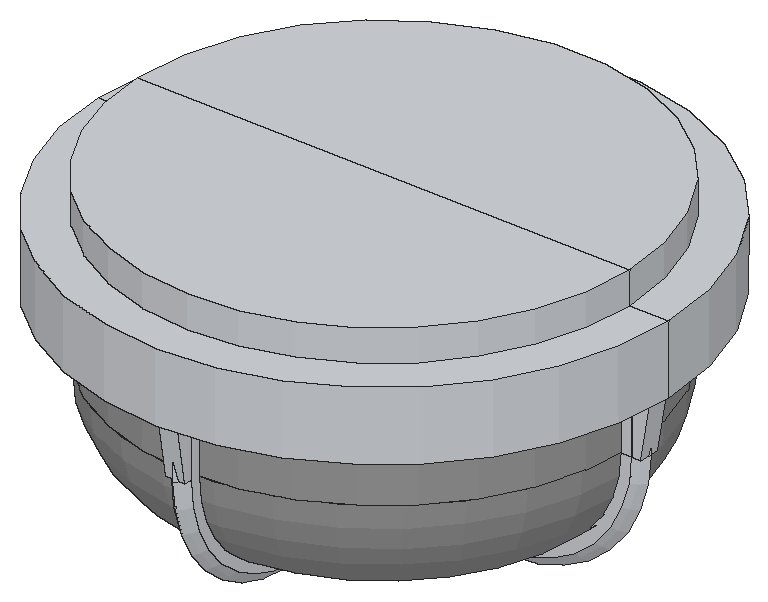
Revit family "O10-S290-X LED 900 AC 830 AL", category Lighting Fixtures, Revit 2016
Family settings
  Part Type = Normal
  Round Connector Dimension = Use Diameter
  OmniClass Number = 23.80.70.00
  OmniClass Title = Lighting
  Work Plane-Based = No
  Always vertical = Yes
  Cut with Voids When Loaded = No
  Light Source = Yes
  Shared = No
  Room Calculation Point = No
Parameters
  Wiring Accessories = ""
  Wattage Comments = ""
  Wattage = 12 W
  VoltageMax = 240 V
  built-in parameter 1150110 = 1 (stored number, unit not read)
  Voltage = 220 V
  UpdateDate = "05.02.2018 18:30:02"
  URL UK = "http://glamox.com/uk/products/O10-S290/items/O10213100"
  URL Sweden = "http://glamox.com/se/produkter/O10-S290/items/O10213100"
  URL Russia = "http://glamox.com/ru/products/O10-S290/items/O10213100"
  URL Other = "http://glamox.com/gsx/products/O10-S290/items/O10213100"
  URL Norway = "http://glamox.com/no/produkter/O10-S290/items/O10213100"
  URL Ireland = "http://glamox.com/ie/products/O10-S290/items/O10213100"
  URL Germany = "http://glamox.com/de/products/O10-S290/items/O10213100"
  URL Finland = "http://glamox.com/fi/products/O10-S290/items/O10213100"
  URL Estonia = "http://glamox.com/ee/products/O10-S290/items/O10213100"
  URL Denmark = "http://glamox.com/dk/produkter/O10-S290/items/O10213100"
  URL = ""
  TypeOfEmergency = ""
  TypeOfBallast = ""
  TotalWattage = 12 W
  Total Load = 12 W
  built-in parameter 1114217 = 1 (stored number, unit not read)
  Top Radius = Radius - 32.5 mm  # 112.5 mm
  Tilt Angle = 90.00°
  Termination = "5x2x2,5 PI"
  built-in parameter 1150109 = 1 (stored number, unit not read)
  built-in parameter 1150134 = (empty or 0)
  built-in parameter 1150113 = 1 (stored number, unit not read)
  Specification = "Outdoor product, in Aluminium, for Surface/Wall mounting, impact classification IK10, IP66, light source LED, lumen out 854lm, ballast type AC, with light source type CRI>80, 3000K, with Polycarbonate diffuser."
  Remark = ""
  RatedVoltage = 220 V
  PowerFactor = 98.00%
  Power Factor = 0.98
  Plug Type = ""
  Photometric Web File = "O10-S290-X-LED-900-830.ies"
  Optic = ""
  Number of Poles = 1
  NominalFrequencyRange = 50 Hz
  ModelReference = "O10-S290"
  ModelLabel = "O10-S290-X LED 900 AC 830 AL"
  Maximum TA = 40
  MaintenanceFactor = 0
  MFArtNo = "O10213100"
  LumDiameter = Diameter  # 290 mm
  Load Classification [instance] = Lighting
  Model = ""
  Manufacturer = "Glamox"
  Lumens = 854 lm
  built-in parameter 1150115 = 1 (stored number, unit not read)
  built-in parameter 1150105 = 67.959 (stored number, unit not read)
  LightFixturePlacingType = "CEILING"
  LightFixtureMountingType = "SURFACE"
  built-in parameter 1150137 = (empty or 0)
  built-in parameter 1150139 = (empty or 0)
  LampBase = ""
  Lamp Wattage Comments = ""
  built-in parameter 1150112 = 1 (stored number, unit not read)
  built-in parameter 1150114 = 1 (stored number, unit not read)
  Lamp = "LED"
  built-in parameter 1150132 = 2
  built-in parameter 1150102 = (empty or 0)
  built-in parameter 1150138 = (empty or 0)
  built-in parameter 1150107 = 3000 (stored number, unit not read)
  built-in parameter 1150106 = 0.67959 (stored number, unit not read)
  IP_Code = "66"
  IPClass = "66"
  IK_Code = ""
  IFC Classification = "Light Fixture"
  Height = 149 mm
  GlobalTradeItemNumber = "4741145295819"
  Glamox Mounting = "Surface"
  Glamox Family = "O10-S290"
  Glamox Category = "Outdoor"
  FrequencyMax = 60 Hz
  Frequency = 50 Hz
  Expired = "0"
  Emit from Circle Diameter = LumDiameter  # 290 mm
  Emit Shape Visible in Rendering = yes
  built-in parameter 1150104 = 6.6116 (stored number, unit not read)
  ELNo Norway = ""
  ELNo Finland = ""
  EANNo = "4741145295819"
  DurationInBatteryMode = ""
  Dimming Lamp Color Temperature Shift = Incandescent Lamp Curve
  Diameter = 290 mm
  Description = "O10-S290-X LED 900 AC 830 AL"
  Cut Out = ""
  Completion = ""
  Color Filter = 16777215
  Radius = Diameter / 2  # 145 mm
  Body Material and Colour = Default
  built-in parameter 1114218 = 1 (stored number, unit not read)
  built-in parameter 1150133 = 10 (stored number, unit not read)
  Assembly Code = ""
  ArticleNumber = "O10213100"
  Apparent Load = Total Load / Power Factor  # 12.2449 VA
  #Ballast = 1
  # ballast on a MCB16 type C fuse = "176"
  # ballast on a MCB16 type B fuse = "130"
Reference planes
  plane 1 "Light Source Axis (F/B)": y = 0.31
  plane 2: z = 0
  plane 3 "Light Source Axis (L/R)": x = 0
  plane 4 "Light Source Elevation": z = -150.079
  plane 5: z = -150.079
  plane 6: x = 145
  plane 7: x = 125
  plane 8: x = 0
  plane 9: y = 0.31
Forms (mm)
  Extrusion 1, solid, material "Default" <- "Body Material and Colour", not visible
    sketch origin (-13.045, 0, -1.079) x (1, 0, 0) y (0, 1, 0)
      loop
        circle (0, 0.31) r 10
    from -1.079 to 0
  Revolve 2, solid
    sketch origin (0, 0, -1.079) x (-1, 0, 0) y (0, 0, -1)
      loop
        arc (-66, 140.079) -> (-107.719, 122.798) -> (-125, 81.079) r 59
        line (-125, 81.079) -> (-125, 51.079) -> (-125, 48.126) -> (-140, 48.126) -> (-140, 51.079) -> (-145, 51.079) -> (-145, 16.079) -> (-125, 16.079) -> (-125, 0) -> (0, 0) -> (0, 140.079) -> (-66, 140.079)
      axis (0, 140.079) -> (0, 0)
    angle from 0 to 360
  Extrusion 3, solid
    sketch origin (0, 0, -1.079) x (-1, 0, 0) y (0, 0, -1)
      loop
        line (-140, 51.079) -> (-125, 51.079) -> (-125, 81.079) -> (-134.828, 81.079) -> (-140, 51.079)
    from -5 to 5
  Extrusion 4, solid
    sketch origin (0, 0, -1.079) x (1, 0, 0) y (0, 0, 1)
      loop
        line (-140, -51.079) -> (-134.916, -81.079) -> (-125, -81.079) -> (-125, -51.079) -> (-140, -51.079)
    from -5 to 5
  Extrusion 5, solid
    sketch origin (0, 0, -1.079) x (0, 1, 0) y (0, 0, -1)
      loop
        line (20.35, 51.079) -> (15.426, 81.079) -> (5.806, 81.079) -> (5.806, 51.079) -> (20.35, 51.079)
    from -5.31 to 4.69
  Extrusion 6, solid
    sketch origin (0, 121.983, -1.079) x (0, -1, 0) y (0, 0, 1)
      loop
        line (259.65, -51.079) -> (244.65, -51.079) -> (244.65, -81.079) -> (254.745, -81.079) -> (259.65, -51.079)
    from -5 to 5
  Sweep 7, solid
    path origin (0, 0, -1.079) x (-1, 0, 0) y (0, 0, -1)
      loop
        line (-130, 51.079) -> (-130, 81.079)
        arc (-130, 81.079) -> (-110.962, 127.041) -> (-65, 146.079) r 65
        line (-65, 146.079) -> (0, 146.079) -> (64.958, 146.079)
        arc (64.958, 146.079) -> (110.92, 127.041) -> (129.958, 81.079) r 65
        line (129.958, 81.079) -> (129.958, 51.079)
    profile origin (110.962, 0, -128.12) x (0.707107, 0, -0.707107) y (0, -1, 0)
      loop
        line (-5.707, 5) -> (-5.707, -5) -> (0, -5)
        arc (0, -5) -> (3.052, -2.976) -> (5.564, -0.31) r 16
        arc (5.564, -0.31) -> (3.133, 2.528) -> (0.33, 5) r 26.787
        line (0.33, 5) -> (-5.707, 5)
  Sweep 8, solid
    path origin (0.31, 121.234, -1.491) x (0, -1, 0) y (0, 0, -1)
      loop
        line (-10.35, 51.079) -> (-10.35, 81.079)
        arc (-10.35, 81.079) -> (8.688, 127.041) -> (54.65, 146.079) r 65
        line (54.65, 146.079) -> (119.65, 146.079) -> (184.608, 146.079)
        arc (184.608, 146.079) -> (230.57, 127.041) -> (249.608, 81.079) r 65
        line (249.608, 81.079) -> (249.608, 50.667)
    profile origin (0.31, 112.546, -128.532) x (0, 0.707107, -0.707107) y (1, 0, 0)
      loop
        line (-5.707, 5) -> (-5.707, -5) -> (0, -5)
        arc (0, -5) -> (3.052, -2.976) -> (5.564, -0.31) r 16
        arc (5.564, -0.31) -> (3.133, 2.528) -> (0.33, 5) r 26.787
        line (0.33, 5) -> (-5.707, 5)
  Extrusion 9, solid
    sketch origin (0, -118.095, -1.079) x (0, 1, 0) y (0, 0, 1)
      loop
        line (259.65, -51.079) -> (244.65, -51.079) -> (244.65, -81.079) -> (254.745, -81.079) -> (259.65, -51.079)
    from -5 to 5
Lines and regions (mm)
  symbolic lines
    curve 1: circle (0, 0.31, -150.079) r 145 normal (0, 0, -1)
    curve 2: line (0, 0.31, -150.079) -> (102.53, 102.841, -150.079)
    curve 3: line (0, 0.31, -150.079) -> (102.53, -102.22, -150.079)
    curve 4: line (0, 0.31, -150.079) -> (-102.53, -102.22, -150.079)
    curve 5: line (0, 0.31, -150.079) -> (-102.53, 102.841, -150.079)
Dimensions and locks
  "Height": plane 5 to level
  "Radius": plane 6 to plane 8
  aligned and locked: plane 1 "Light Source Axis (F/B)" to imposter light
  aligned and locked: plane 4 "Light Source Elevation" to imposter light
  aligned and locked: plane 1 "Light Source Axis (F/B)" to Extrusion 1 sketch curve
  aligned and locked: Revolve 2 sketch curve to Revolve 2 sketch curve
  aligned and locked: Revolve 2 to Extrusion 3 sketch curve
  aligned and locked: Extrusion 4 sketch curve to Revolve 2  (x2)
  aligned and locked: Sweep 7 sketch curve to Sweep 7 sketch curve
  aligned and locked: Extrusion 4 to Sweep 7 sketch curve
  aligned and locked: Sweep 8 sketch curve to Sweep 8 sketch curve
  aligned and locked: Sweep 7 to Extrusion 4
  aligned and locked: Revolve 2 to Revolve 2
  aligned and locked: plane 5 to imposter light
  aligned and locked: plane 6 to Revolve 2
  aligned and locked: plane 7 to Revolve 2
  aligned and locked: plane 3 "Light Source Axis (L/R)" to plane 8
  aligned and locked: level to Revolve 2 sketch curve
  aligned and locked: plane 3 "Light Source Axis (L/R)" to imposter light
  aligned and locked: plane 4 "Light Source Elevation" to plane 5
  aligned and locked: plane 9 to Sweep 7
  aligned and locked: plane 9 to imposter light
Automatic sketch dimensions
  plane 3 "Light Source Axis (L/R)" to Extrusion 3 sketch curve = 140 mm
  Extrusion 3 sketch curve to Extrusion 3 sketch curve = 5.172 mm
  Extrusion 3 sketch curve to Extrusion 3 sketch curve = 9.828 mm
  Extrusion 3 sketch curve to Extrusion 3 sketch curve = 30 mm
  Extrusion 4 sketch curve to Extrusion 4 sketch curve = 5.084 mm
  Extrusion 4 sketch curve to Extrusion 4 sketch curve = 9.916 mm
  Extrusion 4 sketch curve to Extrusion 4 sketch curve = 30 mm
  Extrusion 5 sketch curve to plane 1 "Light Source Axis (F/B)" = 5.495 mm
  Extrusion 5 sketch curve to Extrusion 5 sketch curve = 9.621 mm
  Extrusion 5 sketch curve to Extrusion 5 sketch curve = 14.544 mm
  Extrusion 5 sketch curve to level = 51.079 mm
  Extrusion 5 sketch curve to Extrusion 5 sketch curve = 30 mm
  plane 1 "Light Source Axis (F/B)" to Extrusion 6 sketch curve = 122.977 mm
  Extrusion 6 sketch curve to Extrusion 6 sketch curve = 10.095 mm
  Extrusion 6 sketch curve to Extrusion 6 sketch curve = 15 mm
  Extrusion 6 sketch curve to level = 81.079 mm
  Extrusion 6 sketch curve to Extrusion 6 sketch curve = 30 mm
  Sweep 7 sketch curve to profile plane = 0 mm
  profile plane to Sweep 7 sketch curve = 5.707 mm
  Sweep 7 sketch curve to Sweep 7 sketch curve = 1.552 mm
  Sweep 7 sketch curve to Sweep 7 sketch curve = 10.238 mm
  Sweep 7 sketch curve to profile plane = 0.33 mm
  Sweep 7 sketch curve to profile plane = 16.276 mm
  Sweep 7 sketch curve to profile plane = 5 mm
  profile plane to Sweep 7 sketch curve = 5 mm
  Sweep 7 sketch curve to Sweep 7 sketch curve = 4.259 mm
  Sweep 8 sketch curve to plane 1 "Light Source Axis (F/B)" = 131.274 mm
  Sweep 8 sketch curve to plane 1 "Light Source Axis (F/B)" = 66.274 mm
  Sweep 8 sketch curve to Sweep 8 sketch curve = 65 mm  (x2)
  Sweep 8 sketch curve to Sweep 8 sketch curve = 64.958 mm
  Sweep 8 sketch curve to level = 81.491 mm
  Sweep 8 sketch curve to Sweep 8 sketch curve = 30 mm
  Sweep 8 sketch curve to Sweep 8 sketch curve = 30.412 mm
  Sweep 8 sketch curve to profile plane = 0 mm
  profile plane to Sweep 8 sketch curve = 5.707 mm
  Sweep 8 sketch curve to Sweep 8 sketch curve = 1.552 mm
  Sweep 8 sketch curve to Sweep 8 sketch curve = 10.238 mm
  Sweep 8 sketch curve to profile plane = 0.33 mm
  Sweep 8 sketch curve to profile plane = 16.276 mm
  Sweep 8 sketch curve to profile plane = 5 mm
  profile plane to Sweep 8 sketch curve = 5 mm
  Sweep 8 sketch curve to Sweep 8 sketch curve = 4.259 mm
  Extrusion 1 sketch curve to plane 3 "Light Source Axis (L/R)" = 13.045 mm
  Revolve 2 sketch curve to plane 6 = 0 mm
  plane 7 to Revolve 2 sketch curve = 0 mm
  Revolve 2 sketch curve to plane 7 = 0 mm
  Revolve 2 sketch curve to plane 3 "Light Source Axis (L/R)" = 0 mm  (x2)
  Revolve 2 sketch curve to plane 6 = 5 mm
  Revolve 2 sketch curve to Revolve 2 sketch curve = 59 mm
  Revolve 2 sketch curve to level = 16.079 mm
  Revolve 2 sketch curve to Revolve 2 sketch curve = 32.047 mm
  Revolve 2 sketch curve to Revolve 2 sketch curve = 2.953 mm  (x2)
  Revolve 2 sketch curve to Revolve 2 sketch curve = 30 mm
  plane 2 to Revolve 2 sketch curve = 28.842 mm
  plane 4 "Light Source Elevation" to Revolve 2 sketch curve = 16.079 mm
  Sweep 7 sketch curve to plane 3 "Light Source Axis (L/R)" = 0 mm
  Sweep 7 sketch curve to plane 7 = 60 mm
  plane 7 to Sweep 7 sketch curve = 5 mm
  Sweep 7 sketch curve to plane 3 "Light Source Axis (L/R)" = 64.958 mm
  Sweep 7 sketch curve to plane 4 "Light Source Elevation" = 67.921 mm
  Sweep 7 sketch curve to Sweep 7 sketch curve = 30 mm  (x2)
  Extrusion 9 sketch curve to level = 51.079 mm
  Extrusion 9 sketch curve to plane 1 "Light Source Axis (F/B)" = 126.245 mm
  Extrusion 9 sketch curve to plane 4 "Light Source Elevation" = 67.921 mm
  Extrusion 9 sketch curve to Extrusion 9 sketch curve = 10.095 mm
  Extrusion 9 sketch curve to Extrusion 9 sketch curve = 15 mm
  plane 1 "Light Source Axis (F/B)" to curve 1 = 0 mm
  plane 1 "Light Source Axis (F/B)" to curve 5 = 0 mm
  curve 1 to plane 3 "Light Source Axis (L/R)" = 0 mm
  curve 5 to plane 3 "Light Source Axis (L/R)" = 0 mm
  curve 2 to plane 7 = 22.47 mm
  curve 2 to plane 1 "Light Source Axis (F/B)" = 102.53 mm
  radius of Extrusion 1 sketch curve = 10 mm
Connectors
  electrical at (-13.045, 0.31, -1.079), driven by "Voltage", driven by "Total Load", driven by "Number of Poles", driven by "Load Classification", driven by "Power Factor"
    settings: on Extrusion 1, index 1, voltage 220 V, apparent load 0 VA, apparent load phase1 12 VA, apparent load phase2 0 VA, apparent load phase3 0 VA, power factor 0.98, load classification "Lighting", number of poles 1, system type 31, power factor state 1, is connector primary yes, connector utility no, sub classification motor no, connector description ""
